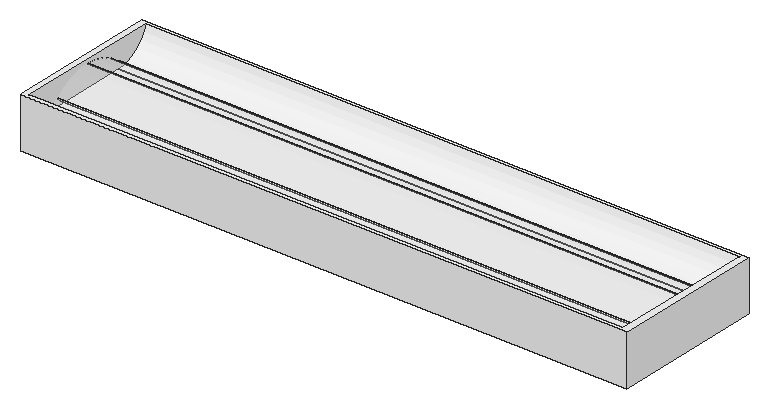
Revit family "SCCT-G", category Lighting Fixtures, host Face, Revit 2014
Parameters (values of type "SCCT-G-14")
  zz Length = Row Length - 1"  # 47"
  Width = 12"
  Wattage = 29 W
  Warranty = "Five-year warranty"  # constant formula
  built-in parameter 1150110 = 1 (stored number, unit not read)
  Voltage = 120 V
  Wattage Comments = "40-80 W"  # constant formula
  URL = "https://www.hubbell.com/hubbelllightingci/en"
  built-in parameter 1114217 = 1 (stored number, unit not read)
  Tilt Angle = 60.00°
  built-in parameter 1150109 = 1 (stored number, unit not read)
  built-in parameter 1150134 = 3
  built-in parameter 1150113 = 1 (stored number, unit not read)
  Product Page URL = "https://www.hubbell.com/hubbelllightingci/en/Products/Lighting-Controls/Commercial-Indoor-Lighting/Surface-Linear/SCCT/p/3563132"
  Product Documentation Link = "https://hubbellcdn.com/specsheet/HLI_SCCT_spec.pdf"
  Photometric Web File = "generic"
  built-in parameter 1150142 = (empty or 0)
  Model = "SCCT-G"  # constant formula
  Manufacturer = "Columbia Lighting"  # constant formula
  Row Length = 48"
  built-in parameter 1150105 = 242.31 (stored number, unit not read)
  Lumens = 3045 lm
  built-in parameter 1150115 = 1 (stored number, unit not read)
  Load Classification = Lighting
  built-in parameter 1150137 = (empty or 0)
  built-in parameter 1150139 = (empty or 0)
  built-in parameter 1150112 = 1 (stored number, unit not read)
  built-in parameter 1150114 = 1 (stored number, unit not read)
  Lamp = "LED lamp"  # constant formula
  Light Bulb = Hubbell - White Glass
  built-in parameter 1150132 = (empty or 0)
  built-in parameter 1150102 = (empty or 0)
  built-in parameter 1150107 = 3200 (stored number, unit not read)
  built-in parameter 1150138 = (empty or 0)
  built-in parameter 1150106 = 2.4231 (stored number, unit not read)
  Emit from Rectangle Width = Width  # 12"
  Emit from Rectangle Length = Row Length  # 48"
  Emit Shape Visible in Rendering = no
  built-in parameter 1150104 = 9.7548 (stored number, unit not read)
  Dimming Lamp Color Temperature Shift = <None>
  Description = "LCAT provides both design and value with an architectural appearance, LED technology to reduce maintenance and a wide range of options for classrooms, offices, retail and health care applications"  # constant formula
  Default Elevation = 48"
  Color Filter = 16777215
  built-in parameter 1114218 = 1 (stored number, unit not read)
  Backbox = Hubbell - White
  built-in parameter 1150133 = 10 (stored number, unit not read)
  Apparent Load = 40 VA  # constant formula
Types (4): name | zz Length | Width | Wattage | Row Length | built-in parameter 1150105 | Lumens | Load Classification | built-in parameter 1150106 | Emit from Rectangle Width | Emit from Rectangle Length | built-in parameter 1150104
  (no name) | 47" | 12" | 29 W | 48" | 242.31 (stored number, unit not read) | 3045 lm | Lighting | 2.4231 (stored number, unit not read) | 12" | 48" | 9.7548 (stored number, unit not read)
  SCCT-G-14 | 47" | 12" | 29 W | 48" | 242.31 (stored number, unit not read) | 3045 lm | Lighting | 2.4231 (stored number, unit not read) | 12" | 48" | 9.7548 (stored number, unit not read)
  SCCT-G-22 | 23" | 23 3/4" | 19 W | 24" | 146.66 (stored number, unit not read) | 1843 lm | Other | 1.4666 (stored number, unit not read) | 23 3/4" | 24" | 9.0116 (stored number, unit not read)
  SCCT-G-24 | 47" | 25" | 29 W | 48" | 242.31 (stored number, unit not read) | 3045 lm | Other | 2.4231 (stored number, unit not read) | 25" | 48" | 9.7548 (stored number, unit not read)
Reference planes (in)
  plane 1 "Center (Front/Back)": y = 0.03999
  plane 2: z = 0
  plane 3 "Center (Left/Right)": x = 1.66944
  plane 4: x = -22.33056
  plane 5: x = 25.66944
  plane 6: z = -4
  plane 7: y = -5.96001
  plane 8: y = 6.03999
  plane 9: z = 0.125
Forms (in)
  Extrusion 1, void
    sketch origin (0, 0.03999, 0) x (1, 0, 0) y (0, 0, 1)
      loop
        line (-22.33056, 0) -> (-22.33056, -4) -> (25.66944, -4) -> (25.66944, 0) -> (-22.33056, 0)
    from -6 to 6
Dimensions and locks (in)
  equal spacing: plane 5, plane 3 "Center (Left/Right)", plane 4
  "Row Length": plane 5 to plane 4
  equal spacing: plane 7, plane 1 "Center (Front/Back)", plane 8
  "Width": plane 7 to plane 8
  plane 9 to plane 2 = 1/8"
  aligned and locked: plane 2 to host face
  aligned and locked: level to host face
  aligned and locked: Extrusion 1 sketch curve to level
  aligned and locked: plane 4 to Extrusion 1 sketch curve
  aligned and locked: Extrusion 1 sketch curve to plane 5
  aligned and locked: plane 6 to Extrusion 1 sketch curve
  aligned and locked: Extrusion 1 to plane 8
  aligned and locked: plane 3 "Center (Left/Right)" to nested 1
  aligned and locked: plane 1 "Center (Front/Back)" to nested 1
  aligned and locked: Extrusion 1 to plane 7
Automatic sketch dimensions
  host sketch curve to host sketch curve = 96"  (x2)
Nested families (in)
  nested 1: "LED Contemporary Architectural Troffer" at (1.66944, 0.03999, -4), Glass <- "Light Bulb", Finish <- "Backbox", Width <- "Width", Row Length <- "Row Length", type "LED Contemporary Architectural Troffer"
    with Width 12", Row Length 48", Height 4", Glass Hubbell - White Glass, Finish Hubbell - White
Connectors (in)
  electrical at (1.66944, 0.03999, -4), driven by "Voltage", driven by "Description", driven by "Load Classification"
    settings: on nested 1, index 1, voltage 120 V, apparent load 0 VA, apparent load phase1 0 VA, apparent load phase2 0 VA, apparent load phase3 0 VA, power factor 1, load classification "Lighting", number of poles 1, system type 30, power factor state 1, is connector primary yes, connector utility no, sub classification motor no, connector description "LCAT provides both design and value with an architectural appearance, LED technology to reduce maintenance and a wide range of options for classrooms, offices, retail and health care applications"
Definition of nested family "LED Contemporary Architectural Troffer"
  Parameters (values of type "LED Contemporary Architectural Troffer")
    Width [instance] = 24"
    Row Length [instance] = 24"
    Height [instance] = 4"
    Glass [instance] = none
    Finish [instance] = none
    Default Elevation = 48"
  Reference planes (in)
    plane 1 "Center (Front/Back)": y = 0
    plane 2: z = 0
    plane 3 "Center (Left/Right)": x = 0
    plane 4: x = 12
    plane 5: x = -12
    plane 6: y = -12
    plane 7: y = 12
    plane 8: z = 4
    plane 9: x = -11.5
    plane 10: x = 11.5
    plane 11: y = -3
    plane 12: y = 3
    plane 13: z = 2
    plane 14: y = -11.75
    plane 15: y = 11.75
    plane 16: z = 0.25
  Forms (in)
    Extrusion 1, solid
      sketch origin (0, 0, 0) x (1, 0, 0) y (0, 1, 0)
        loop
          line (-48, 48) -> (-48, -48) -> (48, -48) -> (48, 48) -> (-48, 48)
      from 0 to -12
    Extrusion 2, solid, material <- "Glass"
      sketch origin (0, 0, 0) x (0, 1, 0) y (0, 0, 1)
        loop
          arc (-3.0054, 2) -> (-3.2554, 2.25) -> (-3.0054, 2.5) r 0.25
          arc (-3.0054, 2.5) -> (-1.62233, 3.40315) -> (0, 3.71395) r 4.27102
          arc (0, 3.71395) -> (1.62233, 3.40315) -> (3.0054, 2.5) r 4.27102
          arc (3.0054, 2.5) -> (3.2554, 2.25) -> (3.0054, 2) r 0.25
          line (3.0054, 2) -> (3.0054, 1.89823)
          arc (3.0054, 1.89823) -> (3.35619, 2.24902) -> (3.0054, 2.59982) r 0.35079
          arc (3.0054, 2.59982) -> (1.6184, 3.48995) -> (0, 3.80122) r 4.35698
          arc (0, 3.80122) -> (-1.6184, 3.48995) -> (-3.0054, 2.59982) r 4.35698
          arc (-3.0054, 2.59982) -> (-3.35619, 2.24902) -> (-3.0054, 1.89823) r 0.35079
          line (-3.0054, 1.89823) -> (-3.0054, 2)
      from -11.5 to 11.5
    Extrusion 3, solid, material <- "Finish"
      sketch origin (0, 0, 0) x (0, 1, 0) y (0, 0, 1)
        loop
          line (-12, 4) -> (-12, 0) -> (12, 0) -> (12, 4) -> (-12, 4)
      from 11.5 to 12
    Extrusion 4, solid, material <- "Finish"
      sketch origin (0, 0, 0) x (0, 1, 0) y (0, 0, 1)
        loop
          line (12, 4) -> (-12, 4) -> (-12, 0) -> (12, 0) -> (12, 4)
      from -12 to -11.5
    Extrusion 5, solid, material <- "Finish"
      sketch origin (0, 0, 0) x (0, 1, 0) y (0, 0, 1)
        loop
          line (-12, 0) -> (12, 0) -> (12, 4) -> (11.75, 4) -> (11.75, 0.25) -> (-11.75, 0.25) -> (-11.75, 4) -> (-12, 4) -> (-12, 0)
      from -11.5 to 11.5
    Extrusion 6, solid, material <- "Finish"
      sketch origin (0, 0, 0) x (0, 1, 0) y (0, 0, 1)
        loop
          arc (-3, 2) -> (-7.48783, 2.50637) -> (-11.75, 4) r 20.14062
          line (-11.75, 4) -> (-11.75, 0.25) -> (11.75, 0.25) -> (11.75, 4)
          arc (11.75, 4) -> (7.48783, 2.50637) -> (3, 2) r 20.14062
          line (3, 2) -> (-3, 2)
      from -12 to 12
  Cuts and joins
    joined: Extrusion 3, Extrusion 4, Extrusion 5, Extrusion 6
  Dimensions and locks (in)
    equal spacing: plane 4, plane 3 "Center (Left/Right)", plane 5
    "Row Length": plane 4 to plane 5
    equal spacing: plane 6, plane 1 "Center (Front/Back)", plane 7
    "Width": plane 6 to plane 7
    "Height": plane 8 to plane 2
    equal spacing: plane 10, plane 3 "Center (Left/Right)", plane 9
    locked: plane 9 to plane 5 at 0.5
    equal spacing: plane 11, plane 1 "Center (Front/Back)", plane 12
    locked: plane 11 to plane 1 "Center (Front/Back)" at 3
    locked: plane 6 to plane 14 at 0.25
    equal spacing: plane 14, plane 1 "Center (Front/Back)", plane 15
    locked: plane 16 to level at 0.25
    level to Extrusion 5 = 4"
    aligned and locked: plane 2 to Extrusion 1
    aligned and locked: level to Extrusion 1
    aligned and locked: Extrusion 2 to plane 10
    aligned and locked: Extrusion 2 to plane 9
    aligned and locked: plane 8 to Extrusion 3 sketch curve
    aligned and locked: plane 6 to Extrusion 3 sketch curve
    aligned and locked: level to Extrusion 3 sketch curve
    aligned and locked: Extrusion 3 sketch curve to plane 7
    aligned and locked: plane 4 to Extrusion 3
    aligned and locked: plane 10 to Extrusion 3
    aligned and locked: Extrusion 4 sketch curve to Extrusion 3  (x4)
    aligned and locked: Extrusion 4 to plane 5
    aligned and locked: plane 9 to Extrusion 4
    aligned and locked: Extrusion 5 sketch curve to Extrusion 3  (x4)
    aligned and locked: plane 8 to Extrusion 5 sketch curve
    aligned and locked: Extrusion 5 sketch curve to plane 14
    aligned and locked: plane 16 to Extrusion 5 sketch curve
    aligned and locked: Extrusion 5 sketch curve to plane 15
    aligned and locked: Extrusion 5 to plane 10
    aligned and locked: Extrusion 5 to plane 9
    aligned and locked: plane 13 to Extrusion 6 sketch curve
    aligned and locked: plane 12 to Extrusion 6 sketch curve
    aligned and locked: plane 11 to Extrusion 6 sketch curve
    aligned and locked: Extrusion 6 sketch curve to plane 14
    aligned and locked: plane 16 to Extrusion 6 sketch curve
    aligned and locked: Extrusion 6 sketch curve to plane 15
    aligned and locked: plane 4 to Extrusion 6
    aligned and locked: Extrusion 6 to plane 5
  Automatic sketch dimensions
    Extrusion 1 sketch curve to Extrusion 1 sketch curve = 96"  (x2)
    plane 13 to Extrusion 2 sketch curve = 0"  (x2)
    Extrusion 2 sketch curve to plane 1 "Center (Front/Back)" = 0"  (x2)
    plane 1 "Center (Front/Back)" to Extrusion 2 sketch curve = 0.00113"
    Extrusion 2 sketch curve to Extrusion 2 sketch curve = 0.0216"  (x2)
    Extrusion 2 sketch curve to plane 11 = 0.0054"
    Extrusion 2 sketch curve to plane 1 "Center (Front/Back)" = 0.00113"
    Extrusion 2 sketch curve to plane 12 = 0.0054"
    plane 13 to Extrusion 2 sketch curve = 0.10177"  (x2)
    Extrusion 2 sketch curve to level = 0.55575"
    Extrusion 2 sketch curve to Extrusion 2 sketch curve = 0"
    Extrusion 2 sketch curve to Extrusion 2 sketch curve = 0.00126"  (x2)
    Extrusion 2 sketch curve to Extrusion 2 sketch curve = 0.24902"
    Extrusion 2 sketch curve to Extrusion 2 sketch curve = 0.00098"
    plane 8 to Extrusion 6 sketch curve = 0"  (x2)
